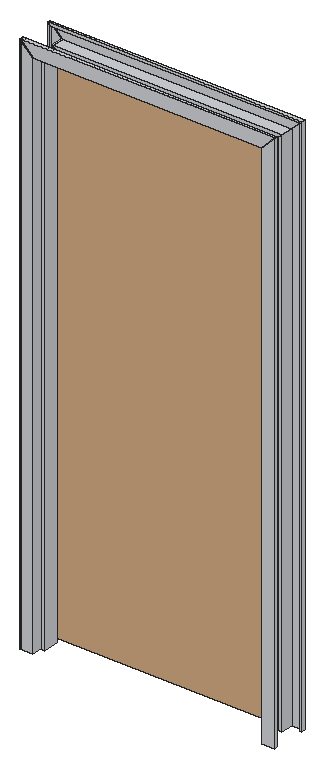
Revit family "Int-F-WDMF-36 x 84", category Doors, host Wall, Revit 2014
Parameters (values of type "Int-F-WDMF-36" x 84"")
  Width = Door Panel Width  # 3' - 0"
  Wall Thickness [instance] = 0' - 4 7/8"
  URL = ""
  Type Comments = ""
  Thickness = 0' - 1 3/4"
  Swing Angle [instance] = 90.00°
  SDI RO Spacing = 0' - 0"
  SDI Panel 1 Width = Leaf Width + 0' 0 3/16"  # 3' - 0"
  SDI No Panels = ""
  SDI HW Set [instance] = ""
  SDI HW Item LO-2 [instance] = ""
  SDI HW Item LO-1 [instance] = ""
  SDI HW Item KP-2 [instance] = ""
  SDI HW Item KP-1 [instance] = ""
  SDI HW Item HI-2 [instance] = ""
  SDI HW Item HI-1 [instance] = ""
  SDI HW Item HC-2 [instance] = ""
  SDI HW Item HC-1 [instance] = ""
  SDI HW Item ED-2 [instance] = ""
  SDI HW Item ED-1 [instance] = ""
  SDI HW Item DO-2 [instance] = ""
  SDI HW Item DO-1 [instance] = ""
  SDI HW Item CL-2 [instance] = ""
  SDI HW Item CL-1 [instance] = ""
  SDI Glass Material = Glass
  SDI Frame Type = "3 Piece"
  SDI Frame Material Type = "Hollow Metal"
  SDI Frame Material = Paint - Generic - Prime
  SDI Frame Manufacturer = ""
  SDI Frame Jamb Width = 0' - 2"
  SDI Frame Head Width = 0' - 2"
  SDI Frame Finish Type = "Painted"
  SDI Frame Finish Color = "Prime"
  SDI Frame Depth [instance] = 0' - 5 7/8"
  SDI Family Version = "1.0"
  SDI Door Panel Type = "F"
  SDI Door Material Type = "Wood"
  SDI Door Material = Stain - SRO - Red Oak 100 Clear
  SDI Door Manufacturer = ""
  SDI Door Finish Type = "SRO"
  SDI Door Finish Color = "Red Oak 100 Clear"
  SDI Door Configuration = "SG"
  SDI Arch Frame Type [instance] = ""
  SDI Arch Frame Material Type [instance] = "HM"
  SDI Arch Door Panel Type [instance] = "F"
  SDI Arch Door Material Type [instance] = "WD"
  Rough Width = Frame Width - 0' 1" + 2 * SDI RO Spacing  # 3' - 3"
  Rough Height = Frame Height - 0' 0 1/2" + SDI RO Spacing  # 7' - 1 1/2"
  R1 Height = 7' - 0"
  P1 Width = 3' - 2"
  Model = "Int-F-WDMF-36\" x 84\""
  Manufacturer = ""
  Leaf Width = P1 Width - 0' 2 3/16"  # 2' - 11 13/16"
  Height = Door Panel Height  # 7' - 0"
  Function = Interior
  Frame Width = P1 Width + 0' 2"  # 3' - 4"
  Frame Offset [instance] = 0' - 0"
  Frame Height = R1 Height + 0' 2"  # 7' - 2"
  Fire Rating = ""
  Exterior Glazing [instance] = no
  Door Panel Width = P1 Width - 0' 2"  # 3' - 0"
  Door Panel Height = R1 Height + 0' 2" - (0' 2")  # 7' - 0"
  Description = "Wood Door with Hollow Metal Frame"
  Cost = 0
  Assembly Code = "C1020320"
  Analytic Construction = "<None>"
  ADA Clearance Lines = no
Reference planes (in)
  plane 1: y = 0
  plane 2 "Center (Left/Right)": x = 0
  plane 3 "Wall Edge": y = 2.4375
  plane 4 "Wall Interior": y = -2.4375
  plane 5 "ModelRefLevel": z = 0
  plane 6 "FrameDepthPlane": y = 0
  plane 7 "FrameFront": y = 2.9375
  plane 8 "FrameBack": y = -2.9375
  plane 9 "V0": x = 19
  plane 10 "V1": x = -19
  plane 11 "H0": z = 1
  plane 12 "H1": z = 85
  plane 13 "DoorLeft": x = 18
  plane 14 "DoorRight": x = -18
  plane 15 "DoorCenter": x = 0
  plane 16 "DoorTop": z = 83.875
  plane 17 "DoorCenterTB": z = 41.9375
  plane 18 "DoorExtFace": y = 2.875
  plane 19 "DoorGlassFace": y = 2.125
  plane 20 "LockCenterLine": z = 41.3125
  plane 21 "ActDoorLeft": x = 17.90625
  plane 22 "SwingClrPlane": y = 62.4375
  plane 23 "SwingPartialPlane": y = 50.4375
Forms (in)
  Extrusion 1, solid
    sketch origin (138.6875, 0, 43) x (-1, 0, 0) y (0, -1, 0)
      loop
        line (119.0625, -2.4375) -> (118.6875, -2.4375) -> (118.6875, -2.9375) -> (120.6875, -2.9375) -> (120.6875, -1) -> (121.3125, -1) -> (121.3125, 1.375) -> (120.6875, 1.375) -> (120.6875, 2.9375) -> (118.6875, 2.9375) -> (118.6875, 2.4375) -> (119.0625, 2.4375) -> (119.0625, 2.5) -> (118.75, 2.5) -> (118.75, 2.875) -> (120.625, 2.875) -> (120.625, 1.3125) -> (121.25, 1.3125) -> (121.25, -0.9375) -> (120.625, -0.9375) -> (120.625, -2.875) -> (118.75, -2.875) -> (118.75, -2.5) -> (119.0625, -2.5) -> (119.0625, -2.4375)
    from -43 to 43
  Extrusion 2, void
    sketch origin (0, 2.4375, 0) x (1, 0, 0) y (0, 0, 1)
      loop
        line (20, 86) -> (17.375, 86) -> (17.375, 83.375) -> (20, 86)
    from -12 to 12
  Extrusion 3, solid
    sketch origin (101.3125, 0, 43) x (-1, 0, 0) y (0, -1, 0)
      loop
        line (120.9375, -2.5) -> (121.25, -2.5) -> (121.25, -2.875) -> (119.375, -2.875) -> (119.375, -0.9375) -> (118.75, -0.9375) -> (118.75, 1.3125) -> (119.375, 1.3125) -> (119.375, 2.875) -> (121.25, 2.875) -> (121.25, 2.5) -> (120.9375, 2.5) -> (120.9375, 2.4375) -> (121.3125, 2.4375) -> (121.3125, 2.9375) -> (119.3125, 2.9375) -> (119.3125, 1.375) -> (118.6875, 1.375) -> (118.6875, -1) -> (119.3125, -1) -> (119.3125, -2.9375) -> (121.3125, -2.9375) -> (121.3125, -2.4375) -> (120.9375, -2.4375) -> (120.9375, -2.5)
    from -43 to 43
  Extrusion 4, void
    sketch origin (0, 2.4375, 0) x (1, 0, 0) y (0, 0, 1)
      loop
        line (-20, 86) -> (-17.375, 83.375) -> (-17.375, 86) -> (-20, 86)
    from -12 to 12
  Extrusion 5, solid
    sketch origin (0, 0, 84.6875) x (0, 1, 0) y (0, 0, 1)
      loop
        line (2.5, 0.9375) -> (2.5, 1.25) -> (2.875, 1.25) -> (2.875, -0.625) -> (0.9375, -0.625) -> (0.9375, -1.25) -> (-1.3125, -1.25) -> (-1.3125, -0.625) -> (-2.875, -0.625) -> (-2.875, 1.25) -> (-2.5, 1.25) -> (-2.5, 0.9375) -> (-2.4375, 0.9375) -> (-2.4375, 1.3125) -> (-2.9375, 1.3125) -> (-2.9375, -0.6875) -> (-1.375, -0.6875) -> (-1.375, -1.3125) -> (1, -1.3125) -> (1, -0.6875) -> (2.9375, -0.6875) -> (2.9375, 1.3125) -> (2.4375, 1.3125) -> (2.4375, 0.9375) -> (2.5, 0.9375)
    from -20 to 20
  Extrusion 6, void
    sketch origin (0, 2.4375, 0) x (1, 0, 0) y (0, 0, 1)
      loop
        line (-20, 86) -> (-20, 83.375) -> (-17.375, 83.375) -> (-20, 86)
    from -12 to 12
  Extrusion 7, void
    sketch origin (0, 2.4375, 0) x (1, 0, 0) y (0, 0, 1)
      loop
        line (20, 86) -> (17.375, 83.375) -> (20, 83.375) -> (20, 86)
    from -12 to 12
  Extrusion 8, solid, material "Stain - SRO - Red Oak 100 Clear" <- "SDI Door Material"
    sketch origin (-72, 2.875, -24) x (1, 0, 0) y (0, 0, 1)
      loop
        line (89.90625, 24.625) -> (89.90625, 107.875) -> (54.09375, 107.875) -> (54.09375, 24.625) -> (89.90625, 24.625)
    from 0 to 1.75
Cuts and joins
  Extrusion 2 cuts Extrusion 1
  Extrusion 4 cuts Extrusion 3
  Extrusion 6, Extrusion 7 cuts Extrusion 5
Lines and regions (in)
  Opening 1
    outline origin (-60, -2.4375, 0) x (1, 0, 0) y (0, 0, 1)
      loop
        line (79.5, 0) -> (79.5, 85.5) -> (40.5, 85.5) -> (40.5, 0) -> (79.5, 0)
  symbolic lines, style "DoorsFrameMullionProjection", detail levels fine
    curve 1: line (19.625, 2.4375, 0) -> (20, 2.4375, 0)
    curve 2: line (20, 2.4375, 0) -> (20, 2.9375, 0)
    curve 3: line (20, 2.9375, 0) -> (18, 2.9375, 0)
    curve 4: line (18, 2.9375, 0) -> (18, 1, 0)
    curve 5: line (18, 1, 0) -> (17.375, 1, 0)
    curve 6: line (17.375, 1, 0) -> (17.375, -1.375, 0)
    curve 7: line (17.375, -1.375, 0) -> (18, -1.375, 0)
    curve 8: line (18, -1.375, 0) -> (18, -2.9375, 0)
    curve 9: line (18, -2.9375, 0) -> (20, -2.9375, 0)
    curve 10: line (20, -2.9375, 0) -> (20, -2.4375, 0)
    curve 11: line (20, -2.4375, 0) -> (19.625, -2.4375, 0)
    curve 12: line (19.625, -2.4375, 0) -> (19.625, -2.5, 0)
    curve 13: line (19.625, -2.5, 0) -> (19.9375, -2.5, 0)
    curve 14: line (19.9375, -2.5, 0) -> (19.9375, -2.875, 0)
    curve 15: line (19.9375, -2.875, 0) -> (18.0625, -2.875, 0)
    curve 16: line (18.0625, -2.875, 0) -> (18.0625, -1.3125, 0)
    curve 17: line (18.0625, -1.3125, 0) -> (17.4375, -1.3125, 0)
    curve 18: line (17.4375, -1.3125, 0) -> (17.4375, 0.9375, 0)
    curve 19: line (17.4375, 0.9375, 0) -> (18.0625, 0.9375, 0)
    curve 20: line (18.0625, 0.9375, 0) -> (18.0625, 2.875, 0)
    curve 21: line (18.0625, 2.875, 0) -> (19.9375, 2.875, 0)
    curve 22: line (19.9375, 2.875, 0) -> (19.9375, 2.5, 0)
    curve 23: line (19.9375, 2.5, 0) -> (19.625, 2.5, 0)
    curve 24: line (19.625, 2.5, 0) -> (19.625, 2.4375, 0)
    curve 37: line (-19.625, 2.5, 0) -> (-19.9375, 2.5, 0)
    curve 38: line (-19.9375, 2.5, 0) -> (-19.9375, 2.875, 0)
    curve 39: line (-19.9375, 2.875, 0) -> (-18.0625, 2.875, 0)
    curve 40: line (-18.0625, 2.875, 0) -> (-18.0625, 0.9375, 0)
    curve 41: line (-18.0625, 0.9375, 0) -> (-17.4375, 0.9375, 0)
    curve 42: line (-17.4375, 0.9375, 0) -> (-17.4375, -1.3125, 0)
    curve 43: line (-17.4375, -1.3125, 0) -> (-18.0625, -1.3125, 0)
    curve 44: line (-18.0625, -1.3125, 0) -> (-18.0625, -2.875, 0)
    curve 45: line (-18.0625, -2.875, 0) -> (-19.9375, -2.875, 0)
    curve 46: line (-19.9375, -2.875, 0) -> (-19.9375, -2.5, 0)
    curve 47: line (-19.9375, -2.5, 0) -> (-19.625, -2.5, 0)
    curve 48: line (-19.625, -2.5, 0) -> (-19.625, -2.4375, 0)
    curve 49: line (-19.625, -2.4375, 0) -> (-20, -2.4375, 0)
    curve 50: line (-20, -2.4375, 0) -> (-20, -2.9375, 0)
    curve 51: line (-20, -2.9375, 0) -> (-18, -2.9375, 0)
    curve 52: line (-18, -2.9375, 0) -> (-18, -1.375, 0)
    curve 53: line (-18, -1.375, 0) -> (-17.375, -1.375, 0)
    curve 54: line (-17.375, -1.375, 0) -> (-17.375, 1, 0)
    curve 55: line (-17.375, 1, 0) -> (-18, 1, 0)
    curve 56: line (-18, 1, 0) -> (-18, 2.9375, 0)
    curve 57: line (-18, 2.9375, 0) -> (-20, 2.9375, 0)
    curve 58: line (-20, 2.9375, 0) -> (-20, 2.4375, 0)
    curve 59: line (-20, 2.4375, 0) -> (-19.625, 2.4375, 0)
    curve 60: line (-19.625, 2.4375, 0) -> (-19.625, 2.5, 0)
  symbolic lines, style "DoorsFrameMullionProjection", detail levels coarse
    curve 25: line (18, -2.9375, 0) -> (19.5, -2.9375, 0)
    curve 26: line (18, 2.9375, 0) -> (19.5, 2.9375, 0)
    curve 27: line (18, -2.9375, 0) -> (18, 2.9375, 0)
    curve 28: line (19.5, -2.9375, 0) -> (19.5, 2.9375, 0)
    curve 61: line (-19.5, -2.9375, 0) -> (-18, -2.9375, 0)
    curve 62: line (-19.5, 2.9375, 0) -> (-18, 2.9375, 0)
    curve 63: line (-19.5, -2.9375, 0) -> (-19.5, 2.9375, 0)
    curve 64: line (-18, -2.9375, 0) -> (-18, 2.9375, 0)
  symbolic lines, style "DoorsFrameMullionProjection", detail levels medium
    curve 29: line (18, -2.9375, 0) -> (20, -2.9375, 0)
    curve 30: line (20, -2.9375, 0) -> (20, -2.4375, 0)
    curve 31: line (19.5, -2.4375, 0) -> (20, -2.4375, 0)
    curve 32: line (19.5, -2.4375, 0) -> (19.5, 2.4375, 0)
    curve 33: line (19.5, 2.4375, 0) -> (20, 2.4375, 0)
    curve 34: line (20, 2.9375, 0) -> (20, 2.4375, 0)
    curve 35: line (18, 2.9375, 0) -> (20, 2.9375, 0)
    curve 36: line (18, -2.9375, 0) -> (18, 2.9375, 0)
    curve 65: line (-20, -2.9375, 0) -> (-18, -2.9375, 0)
    curve 66: line (-20, -2.9375, 0) -> (-20, -2.4375, 0)
    curve 67: line (-20, -2.4375, 0) -> (-19.5, -2.4375, 0)
    curve 68: line (-19.5, -2.4375, 0) -> (-19.5, 2.4375, 0)
    curve 69: line (-20, 2.4375, 0) -> (-19.5, 2.4375, 0)
    curve 70: line (-20, 2.9375, 0) -> (-20, 2.4375, 0)
    curve 71: line (-20, 2.9375, 0) -> (-18, 2.9375, 0)
    curve 72: line (-18, -2.9375, 0) -> (-18, 2.9375, 0)
  symbolic lines, style "Elevation Swing"
    curve 73: line (-17.90625, 2.4375, 83.875) -> (17.90625, 2.4375, 41.9375)
    curve 74: line (-17.90625, 2.4375, 0) -> (17.90625, 2.4375, 41.9375)
  symbolic lines, style "ADA Clearance", visible <- "ADA Clearance Lines"
    curve 75: line (20, 2.4375, 0) -> (20, 62.4375, 0)
    curve 76: line (-36, 62.4375, 0) -> (20, 62.4375, 0)
    curve 77: line (-36, 50.4375, 0) -> (20, 50.4375, 0)
    curve 78: line (-36, 2.4375, 0) -> (-36, 62.4375, 0)
    curve 79: line (20, -2.4375, 0) -> (20, -50.4375, 0)
    curve 80: line (-30, -50.4375, 0) -> (20, -50.4375, 0)
    curve 81: line (-30, -2.4375, 0) -> (-30, -50.4375, 0)
Text (in)
  text "Placement Side" at (0, 40.15149, 123.01588), in view "Right"
  text "Placement Side" at (-70.3804, 28.46503, 0), in view "Ref. Level"
  text "Placement Side" at (0, 81.62555, 140.59947), in view "Left"
Dimensions and locks (in)
  locked: plane 3 "Wall Edge" to host wall
  equal spacing: host wall, plane 2 "Center (Left/Right)", host wall
  "Rough Width": host wall to host wall
  "Rough Height": level to host wall
  equal spacing: plane 3 "Wall Edge", plane 1, plane 4 "Wall Interior"
  "Wall Thickness": host wall to host wall
  locked: plane 3 "Wall Edge" to plane 7 "FrameFront" at 0.5
  locked: plane 4 "Wall Interior" to plane 8 "FrameBack" at 0.5
  "SDI Frame Depth": plane 7 "FrameFront" to plane 8 "FrameBack"
  equal spacing: plane 9 "V0", plane 2 "Center (Left/Right)", plane 10 "V1"
  "P1 Width": plane 9 "V0" to plane 10 "V1"
  "R1 Height": plane 11 "H0" to plane 12 "H1"
  locked: plane 12 "H1" to Extrusion 1 at 1
  locked: plane 11 "H0" to Extrusion 1 at 1
  locked: plane 9 "V0" to Extrusion 1 at 0.9375  (x4)
  locked: plane 9 "V0" to Extrusion 1 at 1.5625
  locked: plane 9 "V0" to Extrusion 1 at 1  (x4)
  locked: plane 9 "V0" to Extrusion 1 at 0.625  (x3)
  locked: plane 9 "V0" to Extrusion 1 at 1.625
  locked: plane 12 "H1" to Extrusion 3 at 1
  locked: plane 11 "H0" to Extrusion 3 at 1
  locked: plane 10 "V1" to Extrusion 3 at 0.625  (x2)
  locked: plane 10 "V1" to Extrusion 3 at 1  (x5)
  locked: plane 10 "V1" to Extrusion 3 at 1.625
  locked: plane 10 "V1" to Extrusion 3 at 0.9375  (x4)
  locked: plane 10 "V1" to Extrusion 3 at 1.5625
  locked: plane 9 "V0" to Extrusion 5 at 1
  locked: plane 10 "V1" to Extrusion 5 at 1
  locked: plane 12 "H1" to Extrusion 5 at 0.9375  (x5)
  locked: plane 12 "H1" to Extrusion 5 at 1.5625
  locked: plane 12 "H1" to Extrusion 5 at 1  (x4)
  locked: plane 12 "H1" to Extrusion 5 at 0.625  (x2)
  locked: plane 12 "H1" to Extrusion 5 at 1.625
  locked: plane 7 "FrameFront" to cut or joined group of Extrusion 1, Extrusion 2 at 1.9375
  locked: plane 7 "FrameFront" to cut or joined group of Extrusion 1, Extrusion 2 at 2
  locked: plane 7 "FrameFront" to cut or joined group of Extrusion 1, Extrusion 2 at 0.0625
  locked: plane 7 "FrameFront" to cut or joined group of Extrusion 1, Extrusion 2 at 0.4375
  locked: plane 7 "FrameFront" to cut or joined group of Extrusion 1, Extrusion 2 at 0.5
  locked: plane 8 "FrameBack" to cut or joined group of Extrusion 1, Extrusion 2 at 1.5625
  locked: plane 8 "FrameBack" to cut or joined group of Extrusion 1, Extrusion 2 at 0.5
  locked: plane 8 "FrameBack" to cut or joined group of Extrusion 1, Extrusion 2 at 0.4375
  locked: plane 8 "FrameBack" to cut or joined group of Extrusion 1, Extrusion 2 at 0.0625
  locked: plane 8 "FrameBack" to cut or joined group of Extrusion 1, Extrusion 2 at 1.625
  locked: plane 7 "FrameFront" to cut or joined group of Extrusion 3, Extrusion 4 at 0.0625
  locked: plane 7 "FrameFront" to cut or joined group of Extrusion 3, Extrusion 4 at 2
  locked: plane 7 "FrameFront" to cut or joined group of Extrusion 3, Extrusion 4 at 1.9375
  locked: plane 7 "FrameFront" to cut or joined group of Extrusion 3, Extrusion 4 at 0.5
  locked: plane 7 "FrameFront" to cut or joined group of Extrusion 3, Extrusion 4 at 0.4375
  locked: plane 8 "FrameBack" to cut or joined group of Extrusion 3, Extrusion 4 at 1.625
  locked: plane 8 "FrameBack" to cut or joined group of Extrusion 3, Extrusion 4 at 0.0625
  locked: plane 8 "FrameBack" to cut or joined group of Extrusion 3, Extrusion 4 at 0.4375
  locked: plane 8 "FrameBack" to cut or joined group of Extrusion 3, Extrusion 4 at 0.5
  locked: plane 8 "FrameBack" to cut or joined group of Extrusion 3, Extrusion 4 at 1.5625
  locked: plane 7 "FrameFront" to cut or joined group of Extrusion 5, Extrusion 6, Extrusion 7 at 0.0625
  locked: plane 7 "FrameFront" to cut or joined group of Extrusion 5, Extrusion 6, Extrusion 7 at 2
  locked: plane 7 "FrameFront" to cut or joined group of Extrusion 5, Extrusion 6, Extrusion 7 at 1.9375
  locked: plane 7 "FrameFront" to cut or joined group of Extrusion 5, Extrusion 6, Extrusion 7 at 0.5
  locked: plane 7 "FrameFront" to cut or joined group of Extrusion 5, Extrusion 6, Extrusion 7 at 0.4375
  locked: plane 8 "FrameBack" to cut or joined group of Extrusion 5, Extrusion 6, Extrusion 7 at 1.625
  locked: plane 8 "FrameBack" to cut or joined group of Extrusion 5, Extrusion 6, Extrusion 7 at 0.0625
  locked: plane 8 "FrameBack" to cut or joined group of Extrusion 5, Extrusion 6, Extrusion 7 at 0.4375
  locked: plane 8 "FrameBack" to cut or joined group of Extrusion 5, Extrusion 6, Extrusion 7 at 0.5
  locked: plane 8 "FrameBack" to cut or joined group of Extrusion 5, Extrusion 6, Extrusion 7 at 1.5625
  locked: plane 7 "FrameFront" to curve 1 at 0.5
  locked: plane 7 "FrameFront" to curve 5 at 1.9375
  locked: plane 7 "FrameFront" to curve 19 at 2
  locked: plane 7 "FrameFront" to curve 21 at 0.0625
  locked: plane 7 "FrameFront" to curve 23 at 0.4375
  locked: plane 7 "FrameFront" to curve 33 at 0.5
  locked: plane 7 "FrameFront" to curve 37 at 0.4375
  locked: plane 7 "FrameFront" to curve 39 at 0.0625
  locked: plane 7 "FrameFront" to curve 41 at 2
  locked: plane 7 "FrameFront" to curve 55 at 1.9375
  locked: plane 7 "FrameFront" to curve 59 at 0.5
  locked: plane 7 "FrameFront" to curve 69 at 0.5
  locked: plane 8 "FrameBack" to curve 7 at 1.5625
  locked: plane 8 "FrameBack" to curve 11 at 0.5
  locked: plane 8 "FrameBack" to curve 13 at 0.4375
  locked: plane 8 "FrameBack" to curve 15 at 0.0625
  locked: plane 8 "FrameBack" to curve 17 at 1.625
  locked: plane 8 "FrameBack" to curve 31 at 0.5
  locked: plane 8 "FrameBack" to curve 43 at 1.625
  locked: plane 8 "FrameBack" to curve 45 at 0.0625
  locked: plane 8 "FrameBack" to curve 47 at 0.4375
  locked: plane 8 "FrameBack" to curve 49 at 0.5
  locked: plane 8 "FrameBack" to curve 53 at 1.5625
  locked: plane 8 "FrameBack" to curve 67 at 0.5
  locked: plane 9 "V0" to plane 13 "DoorLeft" at 1
  locked: plane 10 "V1" to plane 14 "DoorRight" at 1
  locked: plane 12 "H1" to plane 16 "DoorTop" at 1.125
  equal spacing: plane 16 "DoorTop", plane 17 "DoorCenterTB", plane 5 "ModelRefLevel"
  locked: plane 3 "Wall Edge" to plane 18 "DoorExtFace" at 0.4375
  locked: plane 3 "Wall Edge" to plane 19 "DoorGlassFace" at 0.3125
  locked: plane 20 "LockCenterLine" to plane 5 "ModelRefLevel" at 41.3125
  locked: Extrusion 8 to Extrusion 8 at 1.75
  locked: plane 13 "DoorLeft" to Extrusion 8 at 0.09375
  locked: plane 14 "DoorRight" to Extrusion 8 at 0.09375
  locked: plane 16 "DoorTop" to Extrusion 8 at 0
  locked: plane 5 "ModelRefLevel" to Extrusion 8 at 0.625
  locked: plane 13 "DoorLeft" to plane 21 "ActDoorLeft" at 0.09375
  locked: plane 3 "Wall Edge" to plane 22 "SwingClrPlane" at 60
  locked: plane 3 "Wall Edge" to plane 23 "SwingPartialPlane" at 48
  aligned and locked: plane 4 "Wall Interior" to host wall
  aligned and locked: cut or joined group of Extrusion 1, Extrusion 2 to plane 7 "FrameFront"
  aligned and locked: plane 8 "FrameBack" to cut or joined group of Extrusion 1, Extrusion 2
  aligned and locked: cut or joined group of Extrusion 3, Extrusion 4 to plane 7 "FrameFront"
  aligned and locked: plane 8 "FrameBack" to cut or joined group of Extrusion 3, Extrusion 4
  aligned and locked: cut or joined group of Extrusion 5, Extrusion 6, Extrusion 7 to plane 7 "FrameFront"
  aligned and locked: plane 8 "FrameBack" to cut or joined group of Extrusion 5, Extrusion 6, Extrusion 7
  aligned and locked: curve 3 to plane 7 "FrameFront"
  aligned and locked: plane 7 "FrameFront" to curve 26
  aligned and locked: curve 57 to plane 7 "FrameFront"
  aligned and locked: plane 7 "FrameFront" to curve 62
  aligned and locked: plane 7 "FrameFront" to curve 71
  aligned and locked: plane 8 "FrameBack" to curve 9
  aligned and locked: plane 8 "FrameBack" to curve 61
  aligned and locked: plane 8 "FrameBack" to curve 65
  aligned and locked: Extrusion 8 to plane 18 "DoorExtFace"
  aligned and locked: plane 7 "FrameFront" to nested 1
  aligned and locked: plane 21 "ActDoorLeft" to nested 1
  aligned and locked: plane 22 "SwingClrPlane" to curve 76
  aligned and locked: plane 23 "SwingPartialPlane" to curve 77
Automatic sketch dimensions
  Opening 1 sketch curve to level = 0' - 0"
  Opening 1 sketch curve to plane 2 "Center (Left/Right)" = 1' - 7 1/2"
  plane 2 "Center (Left/Right)" to Opening 1 sketch curve = 1' - 7 1/2"
  level to Opening 1 sketch curve = 7' - 1 1/2"
  Extrusion 2 sketch curve to plane 9 "V0" = 0' - 1 5/8"
  plane 9 "V0" to Extrusion 2 sketch curve = 0' - 1"
  plane 12 "H1" to Extrusion 2 sketch curve = 0' - 1 5/8"
  Extrusion 2 sketch curve to plane 12 "H1" = 0' - 1"
  host wall to Extrusion 1 sketch curve = 0' - 0"
  Extrusion 1 sketch curve to host wall = 0' - 0"
  plane 7 "FrameFront" to Extrusion 1 sketch curve = 0' - 0"
  plane 8 "FrameBack" to Extrusion 1 sketch curve = 0' - 0"
  plane 2 "Center (Left/Right)" to Extrusion 1 sketch curve = 1' - 8"  (x2)
  Extrusion 1 sketch curve to Extrusion 1 sketch curve = 0' - 0 1/16"  (x7)
  host wall to Extrusion 1 sketch curve = 0' - 0 1/16"  (x2)
  Extrusion 1 sketch curve to Extrusion 1 sketch curve = 0' - 0 5/16"  (x2)
  plane 2 "Center (Left/Right)" to Extrusion 1 sketch curve = 1' - 6 1/16"  (x2)
  Extrusion 1 sketch curve to Extrusion 1 sketch curve = 0' - 0 9/16"
  plane 7 "FrameFront" to Extrusion 1 sketch curve = 0' - 0 1/16"
  Extrusion 1 sketch curve to host wall = 0' - 1"
  Extrusion 1 sketch curve to host wall = 0' - 1 1/8"
  Extrusion 1 sketch curve to plane 8 "FrameBack" = 0' - 0 1/16"
  plane 9 "V0" to curve 1 = 0' - 1"
  curve 1 to curve 1 = 0' - 0 3/8"
  curve 3 to plane 9 "V0" = 0' - 1"
  curve 4 to curve 5 = 0' - 0 5/8"
  curve 10 to curve 11 = 0' - 0 3/8"
  curve 10 to curve 13 = 0' - 0 1/16"
  curve 15 to curve 8 = 0' - 0 1/16"
  curve 17 to curve 6 = 0' - 0 1/16"
  curve 19 to curve 4 = 0' - 0 1/16"
  curve 2 to curve 21 = 0' - 0 1/16"
  curve 21 to curve 26 = 0' - 0 7/16"
  curve 11 to curve 31 = 0' - 0 1/8"
  curve 1 to curve 32 = 0' - 0 1/8"
  Extrusion 4 sketch curve to plane 10 "V1" = 0' - 1"
  plane 10 "V1" to Extrusion 4 sketch curve = 0' - 1 5/8"
  plane 12 "H1" to Extrusion 4 sketch curve = 0' - 1 5/8"
  Extrusion 4 sketch curve to plane 12 "H1" = 0' - 1"
  plane 8 "FrameBack" to Extrusion 3 sketch curve = 0' - 0"
  plane 7 "FrameFront" to Extrusion 3 sketch curve = 0' - 0"
  host wall to Extrusion 3 sketch curve = 0' - 0"
  Extrusion 3 sketch curve to host wall = 0' - 0"
  Extrusion 3 sketch curve to plane 2 "Center (Left/Right)" = 1' - 5 3/8"
  Extrusion 3 sketch curve to Extrusion 3 sketch curve = 0' - 0 1/16"  (x7)
  Extrusion 3 sketch curve to plane 2 "Center (Left/Right)" = 1' - 6"  (x2)
  Extrusion 3 sketch curve to plane 2 "Center (Left/Right)" = 1' - 7 5/8"  (x2)
  host wall to Extrusion 3 sketch curve = 0' - 0 1/16"  (x2)
  Extrusion 3 sketch curve to Extrusion 3 sketch curve = 0' - 0 5/16"  (x2)
  plane 7 "FrameFront" to Extrusion 3 sketch curve = 0' - 0 1/16"
  Extrusion 3 sketch curve to host wall = 0' - 1"
  Extrusion 3 sketch curve to host wall = 0' - 1 1/8"
  Extrusion 3 sketch curve to plane 8 "FrameBack" = 0' - 0 1/16"
  curve 37 to plane 10 "V1" = 0' - 0 5/8"
  curve 37 to curve 37 = 0' - 0 5/16"
  plane 10 "V1" to curve 39 = 0' - 0 15/16"
  curve 42 to curve 43 = 0' - 0 5/8"
  curve 47 to curve 46 = 0' - 0 5/16"
  curve 46 to curve 49 = 0' - 0 1/16"
  curve 51 to curve 44 = 0' - 0 1/16"
  curve 53 to curve 42 = 0' - 0 1/16"
  curve 55 to curve 40 = 0' - 0 1/16"
  curve 38 to curve 57 = 0' - 0 1/16"
  curve 62 to curve 38 = 0' - 0 7/16"
  curve 67 to curve 48 = 0' - 0 1/8"
  curve 68 to curve 59 = 0' - 0 1/8"
  Extrusion 6 sketch curve to plane 10 "V1" = 0' - 1"
  plane 10 "V1" to Extrusion 6 sketch curve = 0' - 1 5/8"
  plane 12 "H1" to Extrusion 6 sketch curve = 0' - 1 5/8"
  Extrusion 6 sketch curve to plane 12 "H1" = 0' - 1"
  Extrusion 7 sketch curve to plane 9 "V0" = 0' - 1 5/8"
  plane 9 "V0" to Extrusion 7 sketch curve = 0' - 1"
  plane 12 "H1" to Extrusion 7 sketch curve = 0' - 1 5/8"
  Extrusion 7 sketch curve to plane 12 "H1" = 0' - 1"
  Extrusion 5 sketch curve to plane 8 "FrameBack" = 0' - 0"
  Extrusion 5 sketch curve to host wall = 0' - 0"  (x2)
  Extrusion 5 sketch curve to plane 7 "FrameFront" = 0' - 0"
  Extrusion 5 sketch curve to plane 8 "FrameBack" = 0' - 0 1/16"
  host wall to Extrusion 5 sketch curve = 0' - 0 1/16"  (x2)
  Extrusion 5 sketch curve to host wall = 0' - 1 1/16"
  Extrusion 5 sketch curve to Extrusion 5 sketch curve = 0' - 0 1/16"  (x7)
  Extrusion 5 sketch curve to host wall = 0' - 0 15/16"
  plane 7 "FrameFront" to Extrusion 5 sketch curve = 0' - 0 1/16"
  level to Extrusion 5 sketch curve = 6' - 11 3/8"
  level to Extrusion 5 sketch curve = 7' - 0"  (x2)
  Extrusion 5 sketch curve to plane 11 "H0" = 7' - 0 5/8"  (x2)
  Extrusion 5 sketch curve to plane 11 "H0" = 7' - 0 15/16"  (x2)
  Extrusion 8 sketch curve to plane 16 "DoorTop" = 0' - 0"
  plane 14 "DoorRight" to Extrusion 8 sketch curve = 0' - 0 3/32"
  Extrusion 8 sketch curve to plane 13 "DoorLeft" = 0' - 0 3/32"
  plane 11 "H0" to Extrusion 8 sketch curve = 0' - 0 3/8"
  curve 73 to plane 16 "DoorTop" = 0' - 0"
  curve 73 to plane 17 "DoorCenterTB" = 0' - 0"
  plane 14 "DoorRight" to curve 73 = 0' - 0 3/32"
  curve 74 to level = 0' - 0"
  curve 74 to plane 21 "ActDoorLeft" = 0' - 0"
  plane 14 "DoorRight" to curve 74 = 0' - 0 3/32"
  curve 75 to host wall = 0' - 0"
  plane 9 "V0" to curve 75 = 0' - 1"
  curve 78 to host wall = 0' - 0"
  host wall to curve 79 = 0' - 0"
  plane 9 "V0" to curve 79 = 0' - 1"
  plane 8 "FrameBack" to curve 79 = 3' - 11 1/2"
  curve 80 to plane 10 "V1" = 0' - 11"
  host wall to curve 81 = 0' - 0"
  curve 81 to curve 78 = 0' - 6"
Nested families (in)
  nested 1: "SingleDoorPlanLines" at (17.90625, 2.9375, 0.625), type "SingleDoorPlanLines"
Definition of nested family "SingleDoorPlanLines"
  Parameters (values of type "SingleDoorPlanLines")
    Width = 3' - 0"
    URL = ""
    Thickness = 0' - 1 3/4"
    Analytic Construction = "<None>"
    Swing Angle = 90.00°
  Reference planes (in)
    plane 1 "Front": y = 0
    plane 2: z = 0
    plane 3 "Right": x = 0
    plane 4 "Left": x = -36
  Lines and regions (in)
    symbolic lines, style "DoorsPanelProjection"
      curve 1: line (0, 0, 0) -> (0, 36, 0)
      curve 2: line (0, 36, 0) -> (-1.75, 36, 0)
      curve 3: line (-1.75, 36, 0) -> (-1.75, 0, 0)
      curve 4: line (-1.75, 0, 0) -> (0, 0, 0)
    model lines, style "InvisibleLines", not visible
      curve 5: line (0, 0, 0) -> (-38.99851, -0.34033, 0)
    symbolic lines, style "Plan Swing"
      curve 6: arc (-35.99863, -0.31416, 0) -> (-25.56667, 25.34453, 0) -> (0, 36, 0) r 36
  Dimensions and locks (in)
    "Thickness": curve 3 to curve 1
    "Width": curve 2 to curve 4
    "Width": plane 4 "Left" to plane 3 "Right"
    "Swing Angle": angle curve 1 to plane 1 "Front"
    locked: plane 1 "Front" to curve 5 (angle 0.50°)
  Automatic sketch dimensions
    curve 6 to plane 1 "Front" = 0' - 0"
    curve 6 to plane 3 "Right" = 0' - 0"
    curve 4 to plane 1 "Front" = 0' - 0"
    curve 4 to plane 3 "Right" = 0' - 0"
